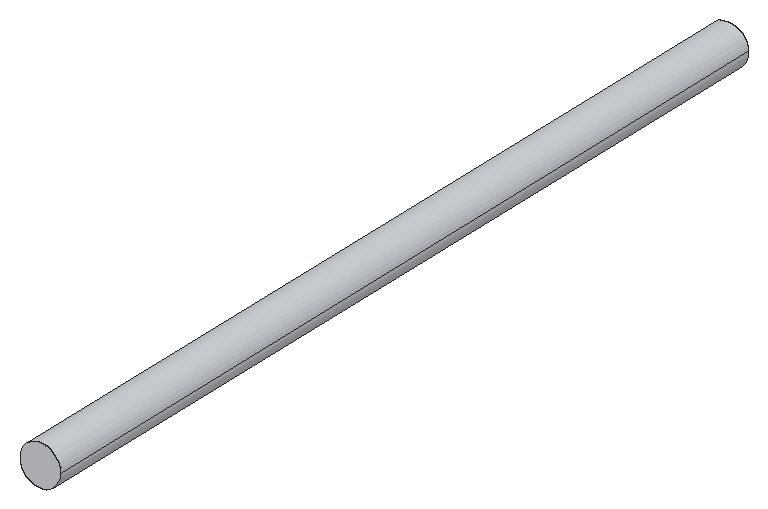
Revit family "上金檩", category 常规模型, Revit 2022
Family settings
  可将钢筋附着到主体 = 否
  圆形连接件大小 = 使用直径
  零件类型 = 标准
  基于工作平面 = 否
  总是垂直 = 是
  加载时剪切的空心 = 否
  保持注释方向 = 否
  共享 = 否
  房间计算点 = 否
Parameters
  默认高程 = 0 mm
  上金檩长 [instance] = 3600 mm
  上金檩直径 [instance] = 170 mm
Reference planes
  plane 1 "中心(前/后)": y = 0
  plane 2: z = 0
  plane 3 "中心(左/右)": x = 0
Forms (mm)
  Extrusion 1, solid
    sketch origin (0, 0, 0) x (1, 0, 0) y (0, 0, 1)
      loop
        circle (-982288.335, 601077.108) r 85
    from 0 to 3600
Dimensions and locks
  "上金檩长": Extrusion 1 to Extrusion 1
  "上金檩直径": diameter of Extrusion 1 sketch curve
  aligned and locked: level to plane 2
Automatic sketch dimensions
  Extrusion 1 sketch curve to plane 3 "中心(左/右)" = 982288.335 mm
  level to Extrusion 1 sketch curve = 601077.108 mm
